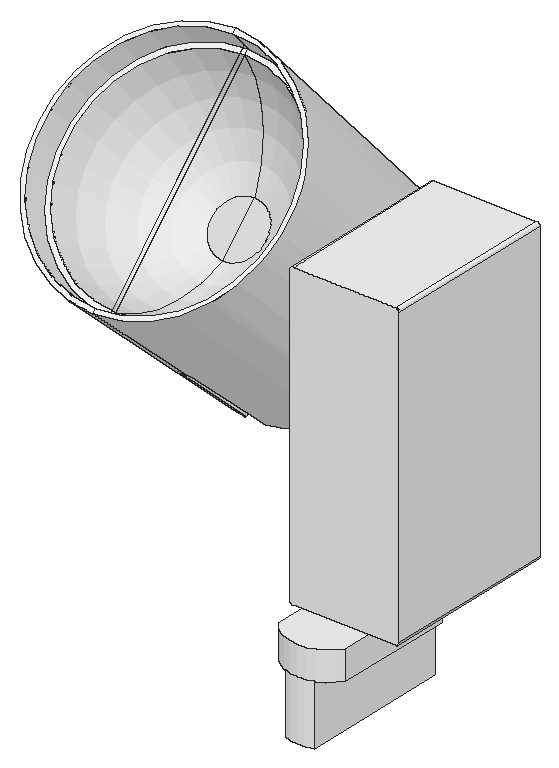
Revit family "0004832 Feilo Sylvania Lighting Fixture START TRACK SPOT L 55W 4K RA80 NB WHITE", category Lighting Fixtures, host Face, Revit 2017 (continued)
Definition of nested family "Start Track Spot Head"
  Types (96, lengths in mm): name | Wattage | built-in parameter 1150134 | Photometric Web File | Model | built-in parameter 1150105 | Lumens | built-in parameter 1150107 | built-in parameter 1150106 | HeadThickness_FEILO | HeadRibOffset_FEILO | HeadRibDepth_FEILO | HeadRibCutWidth_FEILO | HeadRibCutOffset_FEILO | HeadReflectorRadius_FEILO | HeadReflectorOffset_FEILO | HeadLEDRadius_FEILO | HeadHeight_FEILO | HeadDiffusorOffset_FEILO | HeadDiaOut_FEILO | HeadDiaIn_FEILO | HeadAxisFromTop_FEILO | Emit from Circle Diameter | built-in parameter 1150104 | Description | Apparent Load
    0004812 START TRACK SPOT S 14W 3K RA80 MB WHITE | 14 W | (empty or 0) | "0004812.ies" | "START TRACK SPOT S 14W 3K RA80 MB WHITE" | 120.32 (stored number, unit not read) | 1512 lm | 3000 (stored number, unit not read) | 1.2032 (stored number, unit not read) | 1.5 | 4.179 | 55.714 | 7.167 | 50.87 | 50.588 | 55.714 | 9.556 | 117 | 9.435 | 86 | 77.477 | 69.354 | 77.477 | 10.034 (stored number, unit not read) | "Integrated LED spotlight, Textured White - RAL9016, compact and minimalist design, ideal for retail applications, die-cast aluminium body, passive cooling heatsink. Beam angle: 36°, color temperature: 3000K , total system power: 14W, total fixture output: 1508 lm, LOR: 100%, colour rendering: Ra: 80 typical, LED Chromaticity: 3 step MacAdam ellipse, lifetime: >50000 hours at L70B50, energy class: A++, A+, A, IR/UV free light source without heat radiation, operating voltage: 220-240V / 50-60Hz, drive current: 350mA, electronic driver, non-dimmable, power factor: 0.92, electrical protection: Class II, Global Track 3 Phase adapter suitable for Global trac 3-circuit tracks, ingress protection rating: IP20, suitable for internal environment only, horizontal rotation: 355°, vertical tilt: 90°, dimensions: Ø86x140x200, weight: 0.940kg." | 14 VA
    0004811 START TRACK SPOT S 14W 3K RA80 NB WHITE | 14 W | (empty or 0) | "0004811.ies" | "START TRACK SPOT S 14W 3K RA80 NB WHITE" | 123.66 (stored number, unit not read) | 1554 lm | 3000 (stored number, unit not read) | 1.2366 (stored number, unit not read) | 1.5 | 4.179 | 55.714 | 7.167 | 50.87 | 50.588 | 55.714 | 9.556 | 117 | 9.435 | 86 | 77.477 | 69.354 | 77.477 | 10.312 (stored number, unit not read) | "Integrated LED spotlight, Textured White - RAL9016, compact and minimalist design, ideal for retail applications, die-cast aluminium body, passive cooling heatsink. Beam angle: 12°, color temperature: 3000K , total system power: 14W, total fixture output: 1551 lm, LOR: 100%, colour rendering: Ra: 80 typical, LED Chromaticity: 3 step MacAdam ellipse, lifetime: >50000 hours at L70B50, energy class: A++, A+, A, IR/UV free light source without heat radiation, operating voltage: 220-240V / 50-60Hz, drive current: 350mA, electronic driver, non-dimmable, power factor: 0.92, electrical protection: Class II, Global Track 3 Phase adapter suitable for Global trac 3-circuit tracks, ingress protection rating: IP20, suitable for internal environment only, horizontal rotation: 355°, vertical tilt: 90°, dimensions: Ø86x140x200, weight: 0.940kg." | 14 VA
  Reference planes
    plane 1 "Center (Front/Back)": y = 0
    plane 2: z = 0
    plane 3 "Center (Left/Right)": x = 0
    plane 4: x = 43
    plane 5: x = -43
    plane 6: x = -38.739
    plane 7: x = 38.739
    plane 8: z = 69.354
    plane 9: z = -47.646
    plane 10: x = -41.5
    plane 11: x = -37.239
    plane 12: z = -38.211
    plane 13: z = -35.211
    plane 14: z = 8.068
    plane 15: x = -9.556
    plane 16: x = -28.667
    plane 17: x = -19.111
    plane 18: x = -27.167
    plane 19: x = -17.611
    plane 20: x = -8.056
    plane 21: z = 13.64
    plane 22: x = -29.667
    plane 23: x = -26.167
    plane 24: x = -20.111
    plane 25: x = -16.611
    plane 26: x = -10.556
    plane 27: x = -7.056
    plane 28: x = -36.239
    plane 29: x = -40.5
    plane 30: z = 65.175
    plane 31: z = 60.997
    plane 32: z = 56.818
    plane 33: z = 18.484
    plane 34: y = -43
    plane 35: y = 43
    plane 36: y = 3.583
    plane 37: y = -3.583
    plane 38: y = -2.583
    plane 39: y = 2.583
    plane 40: y = 46
    plane 41: z = 13.5
    plane 42: z = -13.5
    plane 43: y = 39
    plane 44: x = 4.708
    plane 45: x = -2.458
    plane 46: x = -1.458
    plane 47: x = 1.458
  Forms (mm)
    Extrusion 1, solid
      sketch origin (4.2, 0, 0) x (1, 0, 0) y (0, 1, 0)
        loop
          line (-1219.2, 1219.2) -> (-1219.2, -1219.2) -> (1219.2, -1219.2) -> (1219.2, 1219.2) -> (-1219.2, 1219.2)
      from 0 to -68.017
    Revolve 2, solid, material <- "Material_1_FEILO", detail levels medium+fine
      sketch origin (0, 0, 0) x (1, 0, 0) y (0, 0, 1)
        loop
          line (-43, -47.646) -> (-41.5, -47.646) -> (-40.5, -35.211) -> (-38.739, -35.211)
          arc (-38.739, -35.211) -> (-30.16, -9.517) -> (-9.556, 8.068) r 50.588
          line (-9.556, 8.068) -> (0, 8.068) -> (0, 13.64) -> (-16.611, 13.64) -> (-17.611, 60.997) -> (-19.111, 60.997) -> (-20.111, 13.64) -> (-36.239, 13.64) -> (-37.239, 69.354) -> (-38.739, 69.354) -> (-43, -47.646)
        axis (0, 69.354) -> (0, -47.646)
      angle from 360 to 0
    Extrusion 3, void
      sketch origin (0, 0, 0) x (0, 1, 0) y (0, 0, 1)
        loop
          line (-3.583, 69.354) -> (-2.583, 18.484) -> (1.932, 18.484) -> (2.932, 69.354) -> (-3.583, 69.354)
      from 43 to -43
    Revolve 4, solid, material <- "Material_2_FEILO", detail levels medium+fine
      sketch origin (0, 0, 0) x (1, 0, 0) y (0, 0, 1)
        loop
          line (-41.5, -38.211) -> (0, -38.211) -> (0, -35.211) -> (-41.5, -35.211) -> (-41.5, -38.211)
        axis (0, -35.211) -> (0, -38.211)
      angle from 360 to 0
    Revolve 5, solid, material <- "Material_1_FEILO"
      sketch origin (0, 0, 0) x (0, 1, 0) y (0, 0, 1)
        loop
          line (46, 0) -> (39, 0) -> (39, -13.5) -> (46, -13.5) -> (46, 0)
        axis (39, 0) -> (46, 0)
      angle from 360 to 0
    Revolve 6, solid, material <- "Material_1_FEILO", detail levels medium+fine
      sketch origin (0, 0, 0) x (1, 0, 0) y (0, 0, 1)
        loop
          line (-29.667, 13.64) -> (-26.167, 13.64) -> (-27.167, 65.175) -> (-28.667, 65.175) -> (-29.667, 13.64)
        loop
          line (-10.556, 13.64) -> (-7.056, 13.64) -> (-7.833, 56.818) -> (-9.778, 56.818) -> (-10.556, 13.64)
        axis (0, 65.175) -> (0, 13.64)
      angle from 360 to 0
    Extrusion 7, void
      sketch origin (0, 0, 0) x (1, 0, 0) y (0, 0, 1)
        loop
          line (4.708, 69.354) -> (-2.458, 69.354) -> (-1.458, 13.64) -> (1.458, 13.64) -> (4.708, 69.354)
      from -43 to 43
    Revolve 8, solid, material <- "Material_1_FEILO", detail levels coarse
      sketch origin (0, 0, 0) x (1, 0, 0) y (0, 0, 1)
        loop
          line (0, 69.354) -> (-38.739, 69.354) -> (-43, -47.646) -> (-41.5, -47.646) -> (-40.731, -38.211) -> (0, -38.211) -> (0, 69.354)
        axis (0, 69.354) -> (0, -47.646)
      angle from 360 to 0
  Cuts and joins
    Extrusion 3 cuts Revolve 2
    Extrusion 7 cuts Revolve 6
  Dimensions and locks
    equal spacing: plane 7, plane 3 "Center (Left/Right)", plane 6
    equal spacing: plane 4, plane 3 "Center (Left/Right)", plane 5
    "HeadDiaOut_FEILO": plane 4 to plane 5
    "HeadDiaIn_FEILO": plane 7 to plane 6
    "HeadHeight_FEILO": plane 8 to plane 9
    "HeadThickness_FEILO": plane 10 to plane 5
    "HeadThickness_FEILO": plane 11 to plane 6
    "HeadDiffusorOffset_FEILO": plane 12 to plane 9
    "HeadDiffusorThickness_FEILO": plane 13 to plane 12
    "HeadReflectorOffset_FEILO": plane 14 to plane 9
    "HeadLEDRadius_FEILO": plane 3 "Center (Left/Right)" to plane 15
    "HeadLEDRadius_FEILO": plane 15 to plane 17
    "HeadLEDRadius_FEILO": plane 17 to plane 16
    "HeadThickness_FEILO": plane 18 to plane 16
    "HeadThickness_FEILO": plane 19 to plane 17
    "HeadThickness_FEILO": plane 20 to plane 15
    "HeadRibDepth_FEILO": plane 8 to plane 21
    "HeadDraft_FEILO": plane 16 to plane 22
    "HeadDraft_FEILO": plane 23 to plane 18
    "HeadDraft_FEILO": plane 17 to plane 24
    "HeadDraft_FEILO": plane 25 to plane 19
    "HeadDraft_FEILO": plane 15 to plane 26
    "HeadDraft_FEILO": plane 27 to plane 20
    "HeadDraft_FEILO": plane 29 to plane 10
    "HeadDraft_FEILO": plane 28 to plane 11
    "HeadRibOffset_FEILO": plane 8 to plane 30
    "HeadRibOffset_FEILO": plane 30 to plane 31
    "HeadRibOffset_FEILO": plane 31 to plane 32
    "HeadAxisFromTop_FEILO": plane 8 to plane 2
    "HeadRibCutOffset_FEILO": plane 8 to plane 33
    equal spacing: plane 34, plane 1 "Center (Front/Back)", plane 35
    "HeadDiaOut_FEILO": plane 34 to plane 35
    equal spacing: plane 38, plane 1 "Center (Front/Back)", plane 39
    equal spacing: plane 37, plane 1 "Center (Front/Back)", plane 36
    "HeadRibCutWidth_FEILO": plane 37 to plane 36
    "HeadDraft_FEILO": plane 37 to plane 38
    locked: plane 35 to plane 40 at 3
    equal spacing: plane 41, plane 2, plane 42
    locked: plane 42 to plane 41 at 27
    locked: plane 43 to plane 35 at 4
    equal spacing: plane 45, imposter light, plane 44
    "HeadDraft_FEILO": plane 46 to plane 45
    "HeadRibCutWidth_FEILO": plane 44 to plane 45
    equal spacing: plane 47, plane 3 "Center (Left/Right)", plane 46
    "HeadReflectorRadius_FEILO": radius of Revolve 2 sketch curve
    aligned and locked: plane 2 to Extrusion 1
    aligned and locked: level to Extrusion 1
    aligned and locked: Revolve 2 sketch curve to plane 3 "Center (Left/Right)"  (x2)
    aligned and locked: plane 9 to Revolve 2 sketch curve  (x2)
    aligned and locked: plane 5 to Revolve 2 sketch curve
    aligned and locked: plane 10 to Revolve 2 sketch curve
    aligned and locked: plane 14 to Revolve 2 sketch curve
    aligned and locked: plane 8 to Revolve 2 sketch curve
    aligned and locked: Revolve 2 sketch curve to plane 13
    aligned and locked: plane 12 to Revolve 4 sketch curve
    aligned and locked: plane 3 "Center (Left/Right)" to Revolve 4 sketch curve
    aligned and locked: Revolve 4 sketch curve to plane 10
    aligned and locked: Revolve 4 sketch curve to plane 3 "Center (Left/Right)"
    aligned and locked: plane 12 to imposter light
    aligned and locked: imposter light to plane 1 "Center (Front/Back)"
    aligned and locked: Revolve 5 sketch curve to plane 2
    aligned and locked: plane 43 to Revolve 5 sketch curve
    aligned and locked: plane 42 to Revolve 5 sketch curve
    aligned and locked: Revolve 6 sketch curve to plane 3 "Center (Left/Right)"
    aligned and locked: plane 22 to Revolve 6 sketch curve
    aligned and locked: plane 30 to Revolve 6 sketch curve
    aligned and locked: plane 23 to Revolve 6 sketch curve
    aligned and locked: Revolve 6 sketch curve to plane 21  (x2)
    aligned and locked: plane 21 to Revolve 6 sketch curve
    aligned and locked: plane 17 to Revolve 2 sketch curve
    aligned and locked: plane 19 to Revolve 2 sketch curve
    aligned and locked: plane 31 to Revolve 2 sketch curve
    aligned and locked: plane 21 to Revolve 2 sketch curve
    aligned and locked: Extrusion 3 to plane 8
    aligned and locked: plane 33 to Extrusion 3
    aligned and locked: plane 8 to Extrusion 3 sketch curve
    aligned and locked: Extrusion 3 sketch curve to plane 33
    aligned and locked: Extrusion 3 to plane 5
    aligned and locked: plane 4 to Extrusion 3
    aligned and locked: plane 32 to Revolve 6 sketch curve
    aligned and locked: plane 44 to Extrusion 7 sketch curve
    aligned and locked: Extrusion 7 sketch curve to plane 8
    aligned and locked: plane 46 to Extrusion 7 sketch curve
    aligned and locked: plane 21 to Extrusion 7 sketch curve
    aligned and locked: plane 34 to Extrusion 7
    aligned and locked: Extrusion 7 to plane 35
    aligned and locked: Revolve 4 sketch curve to plane 13
    aligned and locked: Revolve 5 sketch curve to plane 40
    aligned and locked: Revolve 8 sketch curve to plane 3 "Center (Left/Right)"
    aligned and locked: Revolve 8 sketch curve to cut or joined group of Revolve 2, Extrusion 3  (x3)
    aligned and locked: plane 5 to Revolve 8 sketch curve
    aligned and locked: plane 3 "Center (Left/Right)" to Revolve 8 sketch curve
    aligned and locked: plane 12 to Revolve 8 sketch curve
  Automatic sketch dimensions
    Extrusion 1 sketch curve to Extrusion 1 sketch curve = 2438.4 mm  (x2)
    Extrusion 3 sketch curve to plane 37 = 0 mm
    Extrusion 3 sketch curve to plane 38 = 0 mm
    plane 39 to Extrusion 3 sketch curve = 0.651 mm
    Extrusion 3 sketch curve to plane 39 = 0.349 mm
    Revolve 6 sketch curve to plane 16 = 0 mm
    Revolve 6 sketch curve to plane 18 = 0 mm
    Revolve 6 sketch curve to plane 26 = 0 mm
    Revolve 6 sketch curve to plane 27 = 0 mm
    Revolve 6 sketch curve to plane 15 = 0.222 mm
    plane 9 to Revolve 6 sketch curve = 559.103 mm
    Revolve 6 sketch curve to plane 8 = 2535.555 mm
    plane 20 to Revolve 6 sketch curve = 0.222 mm
    Revolve 2 sketch curve to plane 29 = 0 mm
    Revolve 2 sketch curve to plane 6 = 0 mm  (x2)
    Revolve 2 sketch curve to plane 11 = 0 mm
    Revolve 2 sketch curve to plane 21 = 0 mm
    Revolve 2 sketch curve to plane 28 = 0 mm
    Revolve 2 sketch curve to plane 24 = 0 mm
    Revolve 2 sketch curve to plane 25 = 0 mm
    Revolve 2 sketch curve to plane 15 = 0 mm
    Revolve 2 sketch curve to Revolve 2 sketch curve = 557.155 mm
    Revolve 2 sketch curve to plane 8 = 2535.558 mm
    Extrusion 7 sketch curve to plane 45 = 0 mm
    Extrusion 7 sketch curve to plane 47 = 0 mm
    plane 9 to Revolve 4 sketch curve = 559.103 mm
    Revolve 4 sketch curve to plane 8 = 2535.555 mm
    Revolve 5 sketch curve to level = 0 mm
    plane 34 to Revolve 5 sketch curve = 1968.092 mm
    Revolve 5 sketch curve to plane 40 = 1405.763 mm
    Revolve 8 sketch curve to plane 6 = 0 mm
    Revolve 8 sketch curve to plane 29 = 0.231 mm
    plane 9 to Revolve 8 sketch curve = 559.103 mm
    Revolve 8 sketch curve to Revolve 8 sketch curve = 2535.555 mm
Definition of nested family "Start Track Spot Box"
  Parameters (values of type "Type Large White")
    URL = "http://www.feilosylvania.com"
    Type Image = (empty or 0)
    Type Comments = "n/a"
    Small_FEILO = no
    Material_3_FEILO = none
    Model = ""
    Manufacturer = "Feilo Sylvania"
    Keynote = ""
    Material_2_FEILO = none
    Description = ""
    Default Elevation = 1219.2 mm
    Cost = 0
    Material_1_FEILO = none
    BoxWidth_FEILO = 49 mm
    BoxStartAngle_FEILO [instance] = 0.00°
    BoxRadius_FEILO = 1.5 mm
    BoxHeight_FEILO = if(Small_FEILO, 112 mm, 136 mm)  # 136 mm
    BoxEndAngle_FEILO [instance] = BoxStartAngle_FEILO - 180.00°  # -180.00°
    BoxDepth_FEILO = if(Small_FEILO, 71.5 mm, 79 mm)  # 79 mm
    BoxAxisVerticalOffset_FEILO = 16 mm
    BoxAxisOffset_FEILO = BoxHeight_FEILO / 6.8  # 20 mm
    Assembly Code = ""
    Material_4_FEILO = none
  Types (4, lengths in mm): name | Small_FEILO | BoxHeight_FEILO | BoxDepth_FEILO | BoxAxisOffset_FEILO
    Type Large White | no | 136 | 79 | 20
    Type Small White | yes | 112 | 71.5 | 16.471
    Type Small Black | yes | 112 | 71.5 | 16.471
    Type Large Black | no | 136 | 79 | 20
  Reference planes
    plane 1 "Center (Front/Back)": y = 0
    plane 2: z = 0
    plane 3 "Center (Left/Right)": x = 0
    plane 4: x = 24.5
    plane 5: x = -24.5
    plane 6: y = 68
    plane 7: y = -68
    plane 8: z = 39.5
    plane 9: z = -39.5
    plane 10: y = -48
    plane 11: x = 30.5
    plane 12: x = 8.5
    plane 13: x = 21.5
    plane 14: y = 70
    plane 15: y = 72
    plane 16: x = 19.5
  Forms (mm)
    Extrusion 1, solid
      sketch origin (4.2, 0, 0) x (1, 0, 0) y (0, 1, 0)
        loop
          line (-1219.2, 1219.2) -> (-1219.2, -1219.2) -> (1219.2, -1219.2) -> (1219.2, 1219.2) -> (-1219.2, 1219.2)
      from 0 to -68.017
    Extrusion 2, solid, material <- "Material_1_FEILO"
      sketch origin (0, 0, 0) x (1, 0, 0) y (0, 1, 0)
        loop
          arc (-23, 68) -> (-24.061, 67.561) -> (-24.5, 66.5) r 1.5
          line (-24.5, 66.5) -> (-24.5, -66.5)
          arc (-24.5, -66.5) -> (-24.061, -67.561) -> (-23, -68) r 1.5
          line (-23, -68) -> (23, -68)
          arc (23, -68) -> (24.061, -67.561) -> (24.5, -66.5) r 1.5
          line (24.5, -66.5) -> (24.5, 66.5)
          arc (24.5, 66.5) -> (24.061, 67.561) -> (23, 68) r 1.5
          line (23, 68) -> (-23, 68)
      from -39.5 to 39.5
    Revolve 3, solid, not visible
      sketch origin (0, 0, 0) x (1, 0, 0) y (0, 1, 0)
        loop
          line (30.5, -48) -> (24.5, -48) -> (24.5, -68) -> (30.5, -68) -> (30.5, -48)
        axis (30.5, -48) -> (24.5, -48)
      angle from 0 <- "BoxStartAngle_FEILO" to -180 <- "BoxEndAngle_FEILO"
    Revolve 4, solid, material <- "Material_2_FEILO"
      sketch origin (0, 0, 0) x (1, 0, 0) y (0, 1, 0)
        loop
          line (8.5, 68) -> (19.5, 68) -> (19.5, 70) -> (21.5, 70) -> (21.5, 72) -> (8.5, 72) -> (8.5, 68)
        axis (8.5, 72) -> (8.5, 68)
      angle from 360 to 0
  Dimensions and locks
    equal spacing: plane 5, plane 3 "Center (Left/Right)", plane 4
    "BoxWidth_FEILO": plane 5 to plane 4
    equal spacing: plane 7, plane 1 "Center (Front/Back)", plane 6
    "BoxHeight_FEILO": plane 7 to plane 6
    equal spacing: plane 8, plane 2, plane 9
    "BoxDepth_FEILO": plane 8 to plane 9
    "BoxAxisOffset_FEILO": plane 7 to plane 10
    locked: plane 4 to plane 11 at 6
    "BoxAxisVerticalOffset_FEILO": plane 12 to plane 4
    locked: plane 12 to plane 13 at 13
    plane 6 to plane 14 to plane 15 = 2 mm locked, 2 mm locked
    locked: plane 12 to plane 16 at 11
    "BoxRadius_FEILO": radius of Extrusion 2 sketch curve  (x4)
    aligned and locked: plane 2 to Extrusion 1
    aligned and locked: level to Extrusion 1
    aligned and locked: plane 6 to Extrusion 2 sketch curve
    aligned and locked: plane 5 to Extrusion 2 sketch curve
    aligned and locked: Extrusion 2 sketch curve to plane 7
    aligned and locked: Extrusion 2 sketch curve to plane 4
    aligned and locked: Extrusion 2 to plane 8
    aligned and locked: plane 9 to Extrusion 2
    aligned and locked: Revolve 3 sketch curve to plane 10  (x2)
    aligned and locked: plane 11 to Revolve 3 sketch curve
    aligned and locked: Revolve 3 sketch curve to plane 4
    aligned and locked: plane 7 to Revolve 3 sketch curve
    aligned and locked: Revolve 4 sketch curve to plane 12
    aligned and locked: plane 6 to Revolve 4 sketch curve
    aligned and locked: plane 12 to Revolve 4 sketch curve
    aligned and locked: plane 15 to Revolve 4 sketch curve
    aligned and locked: Revolve 4 sketch curve to plane 13
    aligned and locked: Revolve 4 sketch curve to plane 14
    aligned and locked: Revolve 4 sketch curve to plane 16
    aligned and locked: Revolve 4 sketch curve to plane 6
  Automatic sketch dimensions
    Extrusion 1 sketch curve to Extrusion 1 sketch curve = 2438.4 mm  (x2)
    Revolve 3 sketch curve to plane 5 = 1499.5 mm
    plane 11 to Revolve 3 sketch curve = 1493.5 mm
    plane 15 to Revolve 4 sketch curve = 0 mm
    plane 7 to Revolve 4 sketch curve = 1456 mm
    Revolve 4 sketch curve to plane 15 = 1452 mm
